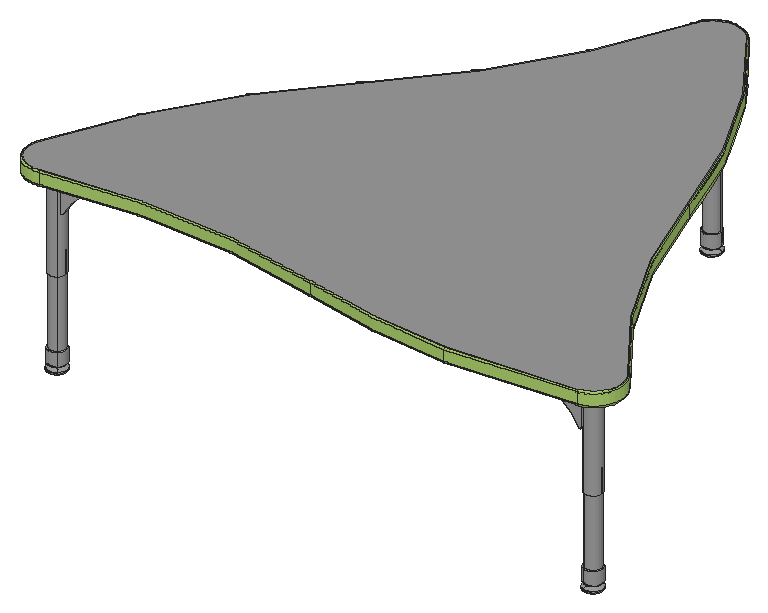
Revit family "Hierarchy Creator Triangle Table - Youth Height", category Furniture, Revit 2018
Family settings
  Work Plane-Based = No
  Always vertical = Yes
  Cut with Voids When Loaded = No
  Shared = No
  Room Calculation Point = No
Parameters
  Table Height = 1' - 4"
  Surface = Hierarchy Creator Triangle Table Youth Surface
  Leg Finish = Hierarchy Leg Platinum
  Edgeband = Hierarchy Creator Triangle Table Youth Edgeband
  Caster/Glide = Hierarchy Youth Leg - Glide : Hierarchy Youth Leg - Glide
Reference planes (in)
  plane 1 "Center (Front/Back)": y = 0
  plane 2: z = 0
  plane 3 "Center (Left/Right)": x = 0
  plane 4: z = 16
Dimensions and locks (in)
  "Table Height": plane 4 to level
  aligned and locked: plane 2 to level
  aligned and locked: nested 1 to plane 4
Nested families (in)
  nested 1: "Creator Triangle Tabletop" at (0, 0, -11.14175), type "Creator Triangle Tabletop"
  nested 2: "Hierarchy Youth Leg - Glide" at (-24.55717, -20.00894, 0) x (-0.6401, 0.7683, 0) z (0, 0, 1), type <- "Caster/Glide", Leg Finish <- "Leg Finish", Leg Height <- "Table Height", type "Hierarchy Youth Leg - Glide"
    with Leg Height 1' - 4", Leg Finish Hierarchy Leg Platinum
  nested 3: "Hierarchy Youth Leg - Glide" at (24.55071, -21.01143, 0) x (-0.3625, -0.932, 0) z (0, 0, 1), type <- "Caster/Glide", Leg Finish <- "Leg Finish", Leg Height <- "Table Height", type "Hierarchy Youth Leg - Glide"
    with Leg Height 1' - 4", Leg Finish Hierarchy Leg Platinum
  nested 4: "Hierarchy Youth Leg - Glide" at (0.87248, 21.97119, 0) x (0.9833, 0.182, 0) z (0, 0, 1), Leg Finish <- "Leg Finish", Leg Height <- "Table Height", type "Hierarchy Youth Leg - Glide"
    with Leg Height 1' - 4", Leg Finish Hierarchy Leg Platinum
Definition of nested family "Creator Triangle Tabletop"
  Parameters (values of type "Creator Triangle Tabletop")
    Surface = none
    Edgeband = none
  Reference planes (in)
    plane 1 "Center (Front/Back)": y = 0
    plane 2: z = 0
    plane 3 "Center (Left/Right)": x = 0
  Forms (in)
    Extrusion 1, solid, material <- "Surface"
      sketch origin (0, 0, 0) x (1, 0, 0) y (0, 1, 0)
        loop
          arc (-1.42378, 22.84297) -> (-6.62456, 11.60808) -> (-14.13009, 1.76238) r 56.95584
          arc (-14.13009, 1.76238) -> (-21.6442, -8.08146) -> (-26.86817, -19.30969) r 57.30935
          arc (-26.86817, -19.30969) -> (-26.40112, -21.65692) -> (-24.13479, -22.42596) r 2.39315
          arc (-24.13479, -22.42596) -> (-11.73084, -21.3202) -> (0.62319, -22.88813) r 57.99237
          arc (0.62319, -22.88813) -> (7.2637, -24.06713) -> (13.99613, -24.46826) r 58.07163
          arc (13.99613, -24.46826) -> (19.57025, -24.20083) -> (25.09088, -23.38541) r 56.56192
          arc (25.09088, -23.38541) -> (26.89076, -21.80799) -> (26.42446, -19.46057) r 2.39315
          arc (26.42446, -19.46057) -> (19.3109, -9.33091) -> (14.5219, 2.08303) r 57.69114
          arc (14.5219, 2.08303) -> (9.73833, 13.50429) -> (2.64138, 23.65125) r 58.05373
          arc (2.64138, 23.65125) -> (0.37753, 24.41026) -> (-1.42378, 22.84297) r 2.40367
      from 27.14175 to 28.39175
    Sweep 2, solid, material <- "Edgeband"
      path in 3D
        loop
          arc (13.99613, -24.46826, 28.39175) -> (7.2637, -24.06713, 28.39175) -> (0.62319, -22.88813, 28.39175) r 58.07163
          arc (0.62319, -22.88813, 28.39175) -> (-11.73084, -21.3202, 28.39175) -> (-24.13479, -22.42596, 28.39175) r 57.99237
          arc (-24.13479, -22.42596, 28.39175) -> (-26.40112, -21.65692, 28.39175) -> (-26.86817, -19.30969, 28.39175) r 2.39315
          arc (-26.86817, -19.30969, 28.39175) -> (-21.6442, -8.08146, 28.39175) -> (-14.13009, 1.76238, 28.39175) r 57.30935
          arc (-14.13009, 1.76238, 28.39175) -> (-6.62456, 11.60808, 28.39175) -> (-1.42378, 22.84297, 28.39175) r 56.95584
          arc (-1.42378, 22.84297, 28.39175) -> (0.37753, 24.41026, 28.39175) -> (2.64138, 23.65125, 28.39175) r 2.40367
          arc (2.64138, 23.65125, 28.39175) -> (9.73833, 13.50429, 28.39175) -> (14.5219, 2.08303, 28.39175) r 58.05373
          arc (14.5219, 2.08303, 28.39175) -> (19.3109, -9.33091, 28.39175) -> (26.42446, -19.46057, 28.39175) r 57.69114
          arc (26.42446, -19.46057, 28.39175) -> (26.89076, -21.80799, 28.39175) -> (25.09088, -23.38541, 28.39175) r 2.39315
          arc (25.09088, -23.38541, 28.39175) -> (19.57025, -24.20083, 28.39175) -> (13.99613, -24.46826, 28.39175) r 56.56192
      profile origin (19.57025, -24.20083, 28.39175) x (0.097139, -0.995271, 0) y (0, 0, 1)
        loop
          line (0, 0) -> (0, -1.25)
          arc (0, -1.25) -> (0.08678, -1.21406) -> (0.12272, -1.12728) r 0.12272
          line (0.12272, -1.12728) -> (0.12272, -0.12272)
          arc (0.12272, -0.12272) -> (0.08678, -0.03594) -> (0, 0) r 0.12272
  Lines and regions (in)
    sketch lines
      curve 1: arc (25.09088, -23.38541, 28.39175) -> (19.57025, -24.20083, 28.39175) -> (13.99613, -24.46826, 28.39175) r 56.56192
      curve 2: arc (13.99613, -24.46826, 28.39175) -> (7.2637, -24.06713, 28.39175) -> (0.62319, -22.88813, 28.39175) r 58.07163
      curve 3: arc (0.62319, -22.88813, 28.39175) -> (-11.73084, -21.3202, 28.39175) -> (-24.13479, -22.42596, 28.39175) r 57.99237
      curve 4: arc (-24.13479, -22.42596, 28.39175) -> (-26.40112, -21.65692, 28.39175) -> (-26.86817, -19.30969, 28.39175) r 2.39315
      curve 5: arc (-26.86817, -19.30969, 28.39175) -> (-21.6442, -8.08146, 28.39175) -> (-14.13009, 1.76238, 28.39175) r 57.30935
      curve 6: arc (-14.13009, 1.76238, 28.39175) -> (-6.62456, 11.60808, 28.39175) -> (-1.42378, 22.84297, 28.39175) r 56.95584
      curve 7: arc (-1.42378, 22.84297, 28.39175) -> (0.37753, 24.41026, 28.39175) -> (2.64138, 23.65125, 28.39175) r 2.40367
      curve 8: arc (2.64138, 23.65125, 28.39175) -> (9.73833, 13.50429, 28.39175) -> (14.5219, 2.08303, 28.39175) r 58.05373
      curve 9: arc (14.5219, 2.08303, 28.39175) -> (19.3109, -9.33091, 28.39175) -> (26.42446, -19.46057, 28.39175) r 57.69114
      curve 10: arc (26.42446, -19.46057, 28.39175) -> (26.89076, -21.80799, 28.39175) -> (25.09088, -23.38541, 28.39175) r 2.39315
  Dimensions and locks (in)
    aligned and locked: plane 2 to level
Definition of nested family "Hierarchy Youth Leg - Glide"
  Parameters (values of type "Hierarchy Youth Leg - Glide")
    Leg Finish [instance] = none
    Leg Height [instance] = 1' - 4.80117"
  Reference planes (in)
    plane 1 "Center (Front/Back)": y = 0
    plane 2: z = 0
    plane 3 "Center (Left/Right)": x = 0
  Forms (in)
    Extrusion 1, solid
      sketch origin (-0.01562, 0, 0) x (1, 0, 0) y (0, 1, 0)
        loop
          circle (0.01563, 0) r 0.67016
      from 0.67618 to 10.55018
    Revolve 2, solid
      sketch origin (0, 0, 0) x (1, 0, 0) y (0, 0, 1)
        loop
          line (-0.73189, 1.80118) -> (-0.79439, 1.73867) -> (-0.79439, 0.61381) -> (-0.73176, 0.55118) -> (-0.125, 0.55118) -> (-0.125, 0.42618) -> (-0.84656, 0.16241) -> (-0.84656, 0.08994) -> (-0.81359, 0) -> (0, 0) -> (0, 1.80118) -> (-0.73189, 1.80118)
        axis (0, 1.80118) -> (0, 0)
      angle from 0 to 360
  Dimensions and locks (in)
    "Leg Height": nested 1 to level  (x2)
    aligned and locked: plane 2 to level
  Automatic sketch dimensions
    plane 1 "Center (Front/Back)" to Extrusion 1 sketch curve = 0' - 0"
    Extrusion 1 sketch curve to plane 3 "Center (Left/Right)" = 0' - 0"
    Revolve 2 sketch curve to level = 0' - 0"
    Revolve 2 sketch curve to plane 3 "Center (Left/Right)" = 0' - 0"  (x2)
    Revolve 2 sketch curve to plane 3 "Center (Left/Right)" = 0' - 0 1/8"
    Revolve 2 sketch curve to Revolve 2 sketch curve = 0' - 0.60676"
    Revolve 2 sketch curve to Revolve 2 sketch curve = 0' - 0.73189"
    Revolve 2 sketch curve to Revolve 2 sketch curve = 0' - 0.06263"  (x2)
    Revolve 2 sketch curve to Revolve 2 sketch curve = 0' - 0.08183"
    Revolve 2 sketch curve to Revolve 2 sketch curve = 0' - 0.03297"
    level to Revolve 2 sketch curve = 0' - 0.08994"
    Revolve 2 sketch curve to Revolve 2 sketch curve = 0' - 0.07247"
    level to Revolve 2 sketch curve = 0' - 0.42618"
    Revolve 2 sketch curve to Revolve 2 sketch curve = 0' - 0 1/8"
    Revolve 2 sketch curve to Revolve 2 sketch curve = 0' - 1.12486"
    Revolve 2 sketch curve to Revolve 2 sketch curve = 0' - 0 1/16"
    Revolve 2 sketch curve to level = 2' - 0"
    Revolve 2 sketch curve to Revolve 2 sketch curve = 8' - 4.91764"
    radius of Extrusion 1 sketch curve = 0' - 0.67016"
  Nested families (in)
    nested 1: "Hierarchy Youth Upper Leg 2023" at (0, 0, 0), Leg Finish <- "Leg Finish", type "Hierarchy Youth Upper Leg 2023"
      with Leg Finish none
  Definition of nested family "Hierarchy Youth Upper Leg 2023"
    Parameters (values of type "Hierarchy Youth Upper Leg 2023")
      Leg Finish [instance] = none
    Reference planes (in)
      plane 1 "Center (Front/Back)": y = 0
      plane 2: z = 0
      plane 3 "Center (Left/Right)": x = 0
    Forms (in)
      Extrusion 1, solid, material <- "Leg Finish"
        sketch origin (0, 0, -11.001) x (1, 0, 0) y (0, 1, 0)
          loop
            circle (0, 0) r 0.75
        from 19.67618 to 27.67618
      Extrusion 2, solid, material <- "Leg Finish"
        sketch origin (0, 0, -11.001) x (1, 0, 0) y (0, 1, 0)
          loop
            line (-1.70174, 0.19183) -> (-2.88626, -2.26116)
            arc (-2.88626, -2.26116) -> (-2.83993, -3.09822) -> (-2.1063, -3.50394) r 0.86614
            line (-2.1063, -3.50394) -> (2.1063, -3.50394)
            arc (2.1063, -3.50394) -> (2.83993, -3.09822) -> (2.88626, -2.26116) r 0.86614
            line (2.88626, -2.26116) -> (1.70174, 0.19183)
            arc (1.70174, 0.19183) -> (0, 1.25984) -> (-1.70174, 0.19183) r 1.88976
        from 27.67618 to 27.80217
      Extrusion 3, solid, material <- "Leg Finish"
        sketch origin (-1.48519, 8.66524, -11.001) x (-0.434844, 0.900506, 0) y (0, 0, 1)
          loop
            line (-9.01425, 27.67618) -> (-11.80952, 27.67618)
            arc (-11.80952, 27.67618) -> (-11.92325, 27.58993) -> (-11.87088, 27.45715) r 0.11811
            arc (-11.87088, 27.45715) -> (-10.39364, 26.29679) -> (-9.23328, 24.81955) r 7.87402
            arc (-9.23328, 24.81955) -> (-9.1005, 24.76717) -> (-9.01425, 24.88091) r 0.11811
            line (-9.01425, 24.88091) -> (-9.01425, 27.67618)
        from -1.94075 to -1.81476
      Extrusion 4, solid, material <- "Leg Finish"
        sketch origin (1.48519, 8.66524, -11.001) x (0.434844, 0.900506, 0) y (0, 0, -1)
          loop
            line (-9.01425, -27.67618) -> (-9.01425, -24.88091)
            arc (-9.01425, -24.88091) -> (-9.1005, -24.76717) -> (-9.23328, -24.81955) r 0.11811
            arc (-9.23328, -24.81955) -> (-10.39364, -26.29679) -> (-11.87088, -27.45715) r 7.87402
            arc (-11.87088, -27.45715) -> (-11.92325, -27.58993) -> (-11.80952, -27.67618) r 0.11811
            line (-11.80952, -27.67618) -> (-9.01425, -27.67618)
        from -1.94075 to -1.81476
    Dimensions and locks (in)
      aligned and locked: plane 2 to level
